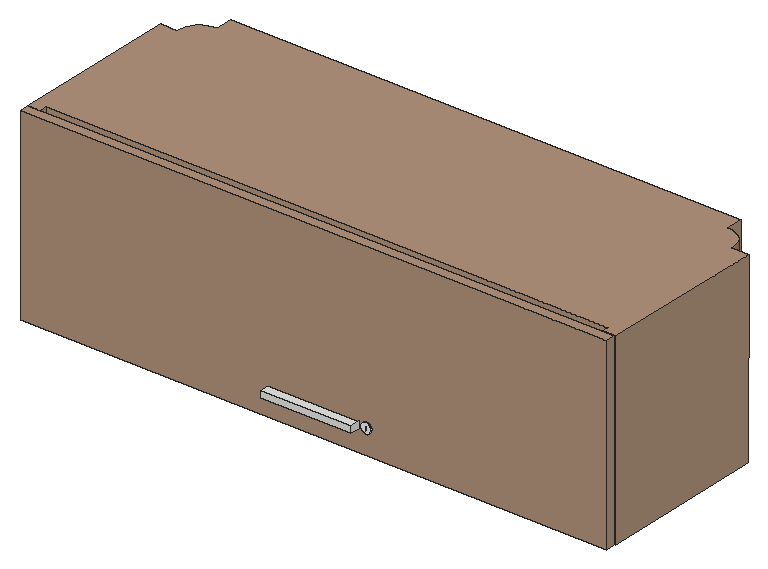
Revit family "Mounted_Storage_&_Accessories-Teknion-ROCF_Overhead_Cabinet_Solid_Flipper_Doors-R2019", category Furniture, Revit 2019
Family settings
  OmniClass Number = 23.40.20.00
  OmniClass Title = General Furniture and Specialties
  Work Plane-Based = No
  Always vertical = Yes
  Cut with Voids When Loaded = No
  Shared = Yes
  Room Calculation Point = No
Parameters (values of type "Column-Mounted, 16" Depth")
  Width [instance] = 48.000"
  Warranty = "http://www.teknion.com/ca/papers/legal-canada"
  Wall-Mounted = not([Column-Mounted])  # no
  Unit Weight URL = "http://www.teknion.com/ca/tools/assets#&asset=bee6a381-b954-425e-8283-5a2de3a804f2,f828d448-4b62-4231-9e5f-9a8991c0ed77"
  URL = "www.teknion.com"
  To render please download texture images found here [instance] = "https://assets.teknion.com/web/5e81352c1dfdb467/revit-material-swatches/"
  Sustainability Data = "https://www.teknion.com/ca/tools/assets#&topic=216f99a5-57a0-44fc-b10a-9dee9b29ae4c&asset=444deb64-fe58-4b68-981e-f75e97781df7,b4ff2d81-9f2e-437d-9659-7cffb09c31cf"
  Series = "Expansion Desking"  # constant formula
  Pull Finish [instance] = Paint-Teknion-20-T-Foundation-Atrium White
  Product Page URL = "https://www.teknion.com/ca/products/product-details?productLineId=2b4e336e-8e7a-673b-a6c8-ff00004460c4"
  Product Line = "Expansion Desking"  # constant formula
  Product Documentation Link = "https://www.teknion.com/pricing/expansion-desking/pdfs/ROCF_ppg.pdf"
  Part Number = "ROCF"  # constant formula
  Model = "ROCFC16__"
  Manufacturer Phone = "416-661-3370"  # constant formula
  Manufacturer Fax = "416.661.4586"  # constant formula
  Manufacturer Contact Information = "http://www.teknion.com/ca/contactus"
  Manufacturer Address = "1150 Flint Road, Toronto, ON. M3J 2J5. Canada"  # constant formula
  Manufacturer = "Teknion"  # constant formula
  Insertion Y Point Offset = 1.160"
  Insertion X Point Offset = 1.160"
  How To Use Teknion Materials User Guide [instance] = "https://assets.teknion.com/m/205dd0a49fa58060/original/How-to-add-a-Material-Library-and-Texture-Images-to-your-Revit-project.pdf"
  For Additional Finishes please visit [instance] = "https://assets.teknion.com/m/44a8009b046e5d47/original/Teknion_Materials_Library.zip"
  Double Doors Handle [instance] = Width > 48.000"  # no
  Double Door Cut Hole Depth [instance] = if(Width > 48.000", 5.701", 0.500")  # 0.500"
  Door Finish [instance] = Source Laminate - Teknion - 3M - Provincial Oak
  Description = "Overhead Cabinet – Solid Flipper Door(s), Column-Mounted, 16\" Depth"
  Column-Mounted = yes
  Column Void Cut Offset = if([Column-Mounted], 21.793", 0.500")  # 21.793"
  Center Handle [instance] = Width < 49.000"  # yes
  Case Finish [instance] = Source Laminate - Teknion - 3M - Provincial Oak (Cross Grain)
  Available Widths [instance] = "24, 30, 36, 42, 48, 54, 60, 66, 72, 78, 84 inches."  # constant formula
  Assembly Code = "E2020200"
  Actual Width [instance] = if([Column-Mounted], Width - 2.315", Width)  # 45.685"
Types (3): name | Width | Wall-Mounted | Model | Insertion Y Point Offset | Insertion X Point Offset | Double Doors Handle | Double Door Cut Hole Depth | Description | Column-Mounted | Column Void Cut Offset | Center Handle | Actual Width
  (no name) | 48.000" | no | "ROCFC16__" | 1.160" | 1.160" | no | 0.500" | "Overhead Cabinet – Solid Flipper Door(s), Column-Mounted, 16\" Depth" | yes | 21.793" | yes | 45.685"
  Column-Mounted, 16" Depth | 48.000" | no | "ROCFC16__" | 1.160" | 1.160" | no | 0.500" | "Overhead Cabinet – Solid Flipper Door(s), Column-Mounted, 16\" Depth" | yes | 21.793" | yes | 45.685"
  Wall-Mounted, 16" Depth | 54.000" | yes | "ROCFW16__" | 0.750" | 0.000" | yes | 5.701" | "Overhead Cabinet – Solid Flipper Door(s), Wall-Mounted, 16\" Depth" | no | 0.500" | no | 54.000"
Reference planes (in)
  plane 1 "Center Front/Back": y = 0.93414
  plane 2: z = 0
  plane 3 "Center Left/Right": x = 0.83054
  plane 4 "Left": x = -22.01196
  plane 5 "Right": x = 23.67304
  plane 6 "Back": y = 9.29093
  plane 7 "Front": y = -7.42265
  plane 8 "Top": z = 65.37402
  plane 9: z = 50.83071
  plane 10: z = 69.37402
  plane 11: y = -12.42265
  plane 12: x = -10.59071
  plane 13: x = 12.25179
  plane 14 "Back Insertion Plane": y = 10.45093
  plane 15: x = -23.17196
  plane 16: x = 24.83304
Forms (in)
  Sweep 1, solid, material "Source Laminate - Teknion - 3M - Provincial Oak" <- "Door Finish"
    path origin (0, 0, 0) x (1, 0, 0) y (0, 1, 0)
      loop
        line (0.83054, -7.42265) -> (0.83054, -6.72186)
    profile origin (0.83054, -7.07226, 0) x (-1, 0, 0) y (0, 0, 1)
      loop
        line (22.78344, 65.37402) -> (-22.78344, 65.37402) -> (-22.78344, 50.83071) -> (22.78344, 50.83071) -> (22.78344, 65.37402)
  Sweep 2, void
    path origin (0, 0.93414, 0) x (1, 0, 0) y (0, 0, 1)
      loop
        line (0.83054, 47.58102) -> (0.83054, 69.37402)
    profile origin (0.83054, 0.93414, 58.47752) x (-1, 0, 0) y (0, -1, 0)
      loop
        line (19.83069, -8.35679) -> (22.8425, -8.35679) -> (22.8425, -5.34498) -> (21.59053, -5.34498)
        arc (21.59053, -5.34498) -> (21.07509, -6.58938) -> (19.83069, -7.10482) r 1.75984
        line (19.83069, -7.10482) -> (19.83069, -8.35679)
      loop
        line (-19.83069, -8.35679) -> (-19.83069, -7.10482)
        arc (-19.83069, -7.10482) -> (-21.07509, -6.58938) -> (-21.59053, -5.34498) r 1.75984
        line (-21.59053, -5.34498) -> (-22.8425, -5.34498) -> (-22.8425, -8.35679) -> (-19.83069, -8.35679)
  Sweep 3, void
    path origin (0, 0.93414, 0) x (1, 0, 0) y (0, 0, 1)
      loop
        line (0.83054, 65.37402) -> (0.83054, 50.83071)
    profile origin (0.83054, 0.93414, 58.10236) x (0, -1, 0) y (1, 0, 0)
      loop
        line (7.04976, 21.8425) -> (7.04976, -21.8425) -> (7.57726, -21.8425) -> (7.57726, 21.8425) -> (7.04976, 21.8425)
  Sweep 4, solid, material "Paint-Teknion-20-T-Foundation-Atrium White" <- "Pull Finish", visible <- "Center Handle"
    path origin (0, 0, 0) x (1, 0, 0) y (0, 1, 0)
      loop
        line (0.83054, -7.42265) -> (0.83054, -8.17462)
    profile origin (0.83054, -7.79863, 0) x (1, 0, 0) y (0, 0, 1)
      loop
        line (-3.5, 52.98622) -> (-3.5, 52.48622) -> (3.5, 52.48622) -> (3.5, 52.98622) -> (-3.5, 52.98622)
  Sweep 5, solid, material "Metal - Teknion - C6 - Chrome", visible <- "Center Handle"
    path origin (0, 0, 0) x (1, 0, 0) y (0, 1, 0)
      loop
        line (4.95852, -7.42265) -> (4.95852, -7.4817)
    profile origin (4.95852, -7.45218, 0) x (1, 0, 0) y (0, 0, 1)
      loop
        circle (0.00388, 52.73622) r 0.39423
      loop
        line (-0.04533, 52.54921) -> (0.0531, 52.54921) -> (0.0531, 52.92323) -> (-0.04533, 52.92323) -> (-0.04533, 52.54921)
  Sweep 6, solid, material "Source Laminate - Teknion - 3M - Provincial Oak (Cross Grain)" <- "Case Finish"
    path origin (0, 0, 0) x (1, 0, 0) y (0, 1, 0)
      loop
        line (0.83054, 9.29093) -> (0.83054, -6.64312)
    profile origin (0.83054, 1.32391, 0) x (1, 0, 0) y (0, 0, 1)
      loop
        line (-21.8425, 64.62402) -> (-21.8425, 51.77165) -> (21.8425, 51.77165) -> (21.8425, 64.62402) -> (-21.8425, 64.62402)
      loop
        line (-22.8425, 65.37402) -> (-22.8425, 50.83071) -> (22.8425, 50.83071) -> (22.8425, 65.37402) -> (-22.8425, 65.37402)
  Sweep 7, solid, material "Source Laminate - Teknion - 3M - Provincial Oak (Cross Grain)" <- "Case Finish"
    path origin (0, 0, 0) x (1, 0, 0) y (0, 1, 0)
      loop
        line (0.83054, 8.05078) -> (0.83054, 9.29093)
    profile origin (0.83054, 8.67085, 0) x (-1, 0, 0) y (0, 0, 1)
      loop
        line (-22.8425, 64.62402) -> (-22.8425, 51.77165) -> (22.8425, 51.77165) -> (22.8425, 64.62402) -> (-22.8425, 64.62402)
  Sweep 8, void
    path origin (0, 0, 0) x (1, 0, 0) y (0, 1, 0)
      loop
        line (0.83054, -12.42265) -> (0.83054, -11.92265)
    profile origin (0.83054, -12.17265, 0) x (-1, 0, 0) y (0, 0, 1)
      loop
        line (0.05906, 65.37402) -> (-0.05906, 65.37402) -> (-0.05906, 50.83071) -> (0.05906, 50.83071) -> (0.05906, 65.37402)
  Sweep 9, solid, material "Paint-Teknion-20-T-Foundation-Atrium White" <- "Pull Finish", visible <- "Double Doors Handle"
    path origin (-25.92126, 0, 0) x (1, 0, 0) y (0, 1, 0)
      loop
        line (8.33054, -7.42265) -> (8.33054, -8.17462)
    profile origin (-17.59072, -7.79863, 0) x (1, 0, 0) y (0, 0, 1)
      loop
        line (10.5, 52.98622) -> (3.5, 52.98622) -> (3.5, 52.48622) -> (10.5, 52.48622) -> (10.5, 52.98622)
  Sweep 10, solid, material "Paint-Teknion-20-T-Foundation-Atrium White" <- "Pull Finish", visible <- "Double Doors Handle"
    path origin (11.92126, 0, 0) x (1, 0, 0) y (0, 1, 0)
      loop
        line (-6.66946, -7.42265) -> (-6.66946, -8.17462)
    profile origin (5.2518, -7.79863, 0) x (1, 0, 0) y (0, 0, 1)
      loop
        line (3.5, 52.98622) -> (3.5, 52.48622) -> (10.5, 52.48622) -> (10.5, 52.98622) -> (3.5, 52.98622)
  Sweep 11, solid, material "Metal - Teknion - C6 - Chrome", visible <- "Double Doors Handle"
    path origin (-18.92124, 0, 0) x (1, 0, 0) y (0, 1, 0)
      loop
        line (12.45852, -7.42265) -> (12.45852, -7.4817)
    profile origin (-6.46272, -7.45218, 0) x (1, 0, 0) y (0, 0, 1)
      loop
        circle (0.00388, 52.73622) r 0.39423
      loop
        line (-0.04533, 52.54921) -> (0.0531, 52.54921) -> (0.0531, 52.92323) -> (-0.04533, 52.92323) -> (-0.04533, 52.54921)
  Sweep 12, solid, material "Metal - Teknion - C6 - Chrome", visible <- "Double Doors Handle"
    path origin (18.92128, 0, 0) x (1, 0, 0) y (0, 1, 0)
      loop
        line (-2.54148, -7.42265) -> (-2.54148, -7.4817)
    profile origin (16.3798, -7.45218, 0) x (1, 0, 0) y (0, 0, 1)
      loop
        circle (0.00388, 52.73622) r 0.39423
      loop
        line (-0.04533, 52.54921) -> (0.0531, 52.54921) -> (0.0531, 52.92323) -> (-0.04533, 52.92323) -> (-0.04533, 52.54921)
Cuts and joins
  Sweep 2, Sweep 3 cuts Sweep 6
  Sweep 2 cuts Sweep 7
  joined: Sweep 6, Sweep 7
  Sweep 8 cuts Sweep 1
Lines and regions (in)
  Masking region 1, visible <- "Column-Mounted"
    outline origin (0, 0, 0) x (1, 0, 0) y (0, 1, 0)
      loop
        line (-22.01196, 6.27912) -> (-22.01196, -6.64312) -> (23.67304, -6.64312) -> (23.67304, 6.27912) -> (22.42107, 6.27912)
        arc (22.42107, 6.27912) -> (21.90562, 7.52352) -> (20.66123, 8.03896) r 1.75984
        line (20.66123, 8.03896) -> (20.66123, 9.29093) -> (-19.00015, 9.29093) -> (-19.00015, 8.03896)
        arc (-19.00015, 8.03896) -> (-20.24455, 7.52352) -> (-20.75999, 6.27912) r 1.75984
        line (-20.75999, 6.27912) -> (-22.01196, 6.27912)
  Masking region 2, visible <- "Center Handle"
    outline origin (0, 0, 0) x (1, 0, 0) y (0, 1, 0)
      loop
        line (-21.95291, -6.72186) -> (-21.95291, -7.42265) -> (23.61398, -7.42265) -> (23.61398, -6.72186) -> (-21.95291, -6.72186)
  Masking region 3, visible <- "Double Doors Handle"
    outline origin (0, 0, 0) x (1, 0, 0) y (0, 1, 0)
      loop
        line (23.61398, -6.72186) -> (0.88959, -6.72186) -> (0.88959, -7.42265) -> (23.61398, -7.42265) -> (23.61398, -6.72186)
      loop
        line (-21.95291, -7.42265) -> (0.77148, -7.42265) -> (0.77148, -6.72186) -> (-21.95291, -6.72186) -> (-21.95291, -7.42265)
  Masking region 4, visible <- "Double Doors Handle"
    outline origin (0, 0, 0) x (1, 0, 0) y (0, 1, 0)
      loop
        line (-14.09072, -7.42265) -> (-14.09072, -8.17462) -> (-7.09072, -8.17462) -> (-7.09072, -7.42265) -> (-14.09072, -7.42265)
      loop
        line (8.7518, -8.17462) -> (15.7518, -8.17462) -> (15.7518, -7.42265) -> (8.7518, -7.42265) -> (8.7518, -8.17462)
  Masking region 5, visible <- "Double Doors Handle"
    outline origin (0, 0, 0) x (1, 0, 0) y (0, 1, 0)
      loop
        line (-6.85307, -7.4817) -> (-6.0646, -7.4817) -> (-6.0646, -7.42265) -> (-6.85307, -7.42265) -> (-6.85307, -7.4817)
  Masking region 6, visible <- "Center Handle"
    outline origin (0, 0, 0) x (1, 0, 0) y (0, 1, 0)
      loop
        line (4.56817, -7.4817) -> (5.35664, -7.4817) -> (5.35664, -7.42265) -> (4.56817, -7.42265) -> (4.56817, -7.4817)
  Masking region 7, visible <- "Double Doors Handle"
    outline origin (0, 0, 0) x (1, 0, 0) y (0, 1, 0)
      loop
        line (15.98945, -7.4817) -> (16.77792, -7.4817) -> (16.77792, -7.42265) -> (15.98945, -7.42265) -> (15.98945, -7.4817)
  Masking region 8, visible <- "Center Handle"
    outline origin (0, 0, 0) x (1, 0, 0) y (0, 1, 0)
      loop
        line (-2.66946, -7.42265) -> (-2.66946, -8.17462) -> (4.33054, -8.17462) -> (4.33054, -7.42265) -> (-2.66946, -7.42265)
  Masking region 9, visible <- "Wall-Mounted"
    outline origin (0, 0, 0) x (1, 0, 0) y (0, 1, 0)
      loop
        line (-22.01196, 9.29093) -> (-22.01196, -6.64312) -> (23.67304, -6.64312) -> (23.67304, 9.29093) -> (-22.01196, 9.29093)
  Masking region 10, visible <- "Column-Mounted"
    outline origin (0, 0, 65.37402) x (-1, 0, 0) y (0, -1, 0)
      loop
        line (22.01196, -6.27912) -> (20.75999, -6.27912)
        arc (20.75999, -6.27912) -> (20.24455, -7.52352) -> (19.00015, -8.03896) r 1.75984
        line (19.00015, -8.03896) -> (19.00015, -9.29093) -> (22.01196, -9.29093) -> (22.01196, -6.27912)
      loop
        line (-23.67304, -9.29093) -> (-20.66123, -9.29093) -> (-20.66123, -8.03896)
        arc (-20.66123, -8.03896) -> (-21.90562, -7.52352) -> (-22.42107, -6.27912) r 1.75984
        line (-22.42107, -6.27912) -> (-23.67304, -6.27912) -> (-23.67304, -9.29093)
  symbolic lines, style "FurnitureHiddenLines", detail levels medium+fine
    curve 1: line (-21.01196, -6.64312, 0) -> (-21.01196, 6.27912, 0)
    curve 2: line (20.66123, 8.05078, 0) -> (-19.00015, 8.05078, 0)
    curve 3: line (22.67304, 6.27912, 0) -> (22.67304, -6.64312, 0)
  symbolic lines, style "FurnitureHiddenLines", detail levels fine
    curve 4: line (22.67304, -6.11562, 0) -> (-21.01196, -6.11562, 0)
  symbolic lines, style "FurnitureHiddenLines", visible <- "Wall-Mounted", detail levels medium+fine
    curve 5: line (-21.01196, 8.05078, 0) -> (-19.00015, 8.05078, 0)
    curve 6: line (-21.01196, 8.05078, 0) -> (-21.01196, 6.27912, 0)
    curve 7: line (20.66123, 8.05078, 0) -> (22.67304, 8.05078, 0)
    curve 8: line (22.67304, 8.05078, 0) -> (22.67304, 6.27912, 0)
Dimensions and locks (in)
  "Actual Width": plane 4 "Left" to plane 5 "Right"
  equal spacing: plane 6 "Back", plane 1 "Center Front/Back", plane 7 "Front"
  locked: plane 8 "Top" to level at 65.37402
  equal spacing: plane 4 "Left", plane 3 "Center Left/Right", plane 5 "Right"
  locked: plane 7 "Front" to plane 6 "Back" at 16.71358
  locked: plane 7 "Front" to Sweep 1 sketch curve at 0.70079
  locked: plane 9 to level at 50.83071
  locked: plane 10 to plane 8 "Top" at 4
  "Column Void Cut Offset": plane 10 to Sweep 2 sketch curve
  plane 7 "Front" to Sweep 3 sketch curve to Sweep 3 sketch curve = 0.77953" locked, 0.5275" locked
  locked: Sweep 3 sketch curve to plane 5 "Right" at 1
  locked: Sweep 1 sketch curve to plane 4 "Left" at 0.05906
  locked: Sweep 1 sketch curve to plane 5 "Right" at 0.05906
  locked: plane 4 "Left" to Sweep 2 sketch curve at 3.01181
  locked: plane 6 "Back" to Sweep 2 sketch curve at 3.01181  (x2)
  locked: Sweep 2 sketch curve to plane 5 "Right" at 3.01181
  locked: plane 4 "Left" to Sweep 3 sketch curve at 1
  locked: Sweep 4 sketch curve to plane 7 "Front" at 0.75197
  Sweep 4 sketch curve to plane 3 "Center Left/Right" to Sweep 4 sketch curve = 3.500" locked, 3.500" locked
  Sweep 4 sketch curve to Sweep 4 sketch curve to plane 9 = 0.500" locked, 1.65551" locked
  locked: Sweep 5 sketch curve to plane 7 "Front" at 0.05906
  plane 3 "Center Left/Right" to Sweep 5 sketch curve to Sweep 5 sketch curve to Sweep 5 sketch curve = 4.08266" locked, 0.04921" locked, 0.04921" locked
  Sweep 5 sketch curve to Sweep 5 sketch curve to Sweep 5 sketch curve to plane 9 = 0.18701" locked, 0.18701" locked, 1.7185" locked
  locked: plane 7 "Front" to Sweep 6 sketch curve at 0.77953
  locked: Sweep 6 sketch curve to plane 4 "Left" at 1
  locked: Sweep 6 sketch curve to plane 5 "Right" at 1
  locked: plane 8 "Top" to Sweep 6 sketch curve at 0.75
  locked: Sweep 6 sketch curve to plane 9 at 0.94094
  locked: plane 6 "Back" to Sweep 7 sketch curve at 1.24016
  locked: Sweep 7 sketch curve to plane 9 at 0.94094
  locked: plane 8 "Top" to Sweep 7 sketch curve at 0.75
  locked: plane 11 to plane 7 "Front" at 5
  "Double Door Cut Hole Depth": Sweep 8 sketch curve to plane 11
  Sweep 9 sketch curve to plane 12 to Sweep 9 sketch curve = 3.49999" locked, 3.50001" locked
  Sweep 9 sketch curve to Sweep 9 sketch curve to plane 9 = 0.500" locked, 1.65551" locked
  equal spacing: plane 4 "Left", plane 12, plane 3 "Center Left/Right"
  equal spacing: plane 3 "Center Left/Right", plane 13, plane 5 "Right"
  Sweep 10 sketch curve to plane 13 to Sweep 10 sketch curve = 3.50001" locked, 3.49999" locked
  Sweep 10 sketch curve to Sweep 10 sketch curve to plane 9 = 0.500" locked, 1.65551" locked
  plane 12 to Sweep 11 sketch curve to Sweep 11 sketch curve to Sweep 11 sketch curve = 4.08267" locked, 0.04921" locked, 0.04921" locked
  Sweep 11 sketch curve to Sweep 11 sketch curve to Sweep 11 sketch curve to plane 9 = 0.18701" locked, 0.18701" locked, 1.7185" locked
  locked: Sweep 11 sketch curve to plane 7 "Front" at 0.05906
  locked: Sweep 10 sketch curve to plane 7 "Front" at 0.75197
  plane 13 to Sweep 12 sketch curve to Sweep 12 sketch curve to Sweep 12 sketch curve = 4.08269" locked, 0.04921" locked, 0.04921" locked
  Sweep 12 sketch curve to Sweep 12 sketch curve to Sweep 12 sketch curve to plane 9 = 0.18701" locked, 0.18701" locked, 1.7185" locked
  locked: Sweep 12 sketch curve to plane 7 "Front" at 0.05906
  locked: plane 4 "Left" to Masking region 3 sketch curve at 0.05906
  locked: Masking region 3 sketch curve to plane 5 "Right" at 0.05906
  plane 7 "Front" to Masking region 3 sketch curve to Masking region 3 sketch curve = 0.70079" locked, 0.000" locked
  Masking region 3 sketch curve to plane 3 "Center Left/Right" to Masking region 3 sketch curve = 0.05906" locked, 0.05906" locked
  plane 12 to Masking region 5 sketch curve to Masking region 5 sketch curve = 3.73765" locked, 0.78847" locked
  plane 3 "Center Left/Right" to Masking region 6 sketch curve to Masking region 6 sketch curve = 3.73764" locked, 0.78847" locked
  plane 13 to Masking region 7 sketch curve to Masking region 7 sketch curve = 3.73767" locked, 0.78847" locked
  locked: plane 4 "Left" to curve 6 at 1
  locked: plane 6 "Back" to curve 5 at 1.24016
  locked: curve 8 to plane 5 "Right" at 1
  locked: plane 6 "Back" to curve 7 at 1.24016
  Sweep 8 sketch curve to plane 3 "Center Left/Right" to Sweep 8 sketch curve = 0.05906" locked, 0.05906" locked
  locked: plane 8 "Top" to Sweep 8 sketch curve
  locked: plane 9 to Sweep 8 sketch curve at 0
  "Insertion Y Point Offset": plane 14 "Back Insertion Plane" to plane 6 "Back"
  "Insertion X Point Offset": plane 15 to plane 4 "Left"
  "Insertion X Point Offset": plane 5 "Right" to plane 16
  aligned and locked: level to plane 2
  aligned and locked: plane 7 "Front" to Sweep 1 sketch curve
  aligned and locked: plane 8 "Top" to Sweep 1 sketch curve
  aligned and locked: Sweep 1 sketch curve to plane 9
  aligned and locked: Sweep 2 sketch curve to plane 4 "Left"
  aligned and locked: Sweep 2 sketch curve to plane 6 "Back"
  aligned and locked: plane 10 to Sweep 2 sketch curve
  aligned and locked: plane 7 "Front" to Sweep 4 sketch curve
  aligned and locked: plane 7 "Front" to Sweep 5 sketch curve
  aligned and locked: plane 6 "Back" to Sweep 6 sketch curve
  aligned and locked: Sweep 6 sketch curve to plane 8 "Top"
  aligned and locked: Sweep 6 sketch curve to plane 4 "Left"
  aligned and locked: Sweep 6 sketch curve to plane 9
  aligned and locked: plane 5 "Right" to Sweep 6 sketch curve
  aligned and locked: plane 6 "Back" to Sweep 7 sketch curve
  aligned and locked: plane 4 "Left" to Sweep 7 sketch curve
  aligned and locked: plane 5 "Right" to Sweep 7 sketch curve
  aligned and locked: plane 9 to Sweep 3 sketch curve
  aligned and locked: plane 8 "Top" to Sweep 3 sketch curve
  aligned and locked: plane 11 to Sweep 8 sketch curve
  aligned and locked: plane 7 "Front" to Sweep 11 sketch curve
  aligned and locked: plane 7 "Front" to Sweep 10 sketch curve
  aligned and locked: plane 7 "Front" to Sweep 12 sketch curve
  aligned and locked: Masking region 1 sketch curve to plane 4 "Left"
  aligned and locked: Masking region 1 sketch curve to plane 6 "Back"
  aligned and locked: Masking region 1 sketch curve to cut or joined group of Sweep 2, Sweep 3, Sweep 6, Sweep 7  (x8)
  aligned and locked: Masking region 2 sketch curve to cut or joined group of Sweep 1, Sweep 8  (x4)
  aligned and locked: plane 7 "Front" to Masking region 3 sketch curve  (x2)
  aligned and locked: Masking region 4 sketch curve to Sweep 9  (x4)
  aligned and locked: Masking region 4 sketch curve to Sweep 10  (x4)
  aligned and locked: Masking region 5 sketch curve to Sweep 11  (x2)
  aligned and locked: Masking region 6 sketch curve to Sweep 5
  aligned and locked: plane 7 "Front" to Masking region 6 sketch curve
  aligned and locked: Masking region 7 sketch curve to Sweep 12  (x2)
  aligned and locked: Masking region 8 sketch curve to Sweep 4  (x4)
  aligned and locked: curve 1 to cut or joined group of Sweep 2, Sweep 3, Sweep 6, Sweep 7
  aligned and locked: cut or joined group of Sweep 2, Sweep 3, Sweep 6, Sweep 7 to curve 3
  aligned and locked: curve 4 to cut or joined group of Sweep 2, Sweep 3, Sweep 6, Sweep 7
  aligned and locked: Masking region 9 sketch curve to plane 4 "Left"
  aligned and locked: Masking region 9 sketch curve to plane 6 "Back"
  aligned and locked: Masking region 9 sketch curve to plane 5 "Right"
  aligned and locked: Masking region 9 sketch curve to Masking region 1
  aligned and locked: Masking region 10 sketch curve to Sweep 2  (x10)
  aligned and locked: nested 1 to plane 14 "Back Insertion Plane"
  aligned and locked: nested 2 to plane 14 "Back Insertion Plane"
  aligned and locked: plane 15 to nested 1
  aligned and locked: plane 16 to nested 2
Automatic sketch dimensions
  Sweep 1 sketch curve to plane 3 "Center Left/Right" = 0.000"
  Sweep 2 sketch curve to plane 3 "Center Left/Right" = 0.000"
  Sweep 2 sketch curve to Sweep 2 sketch curve = 1.75984"
  Sweep 2 sketch curve to Sweep 2 sketch curve = 3.01181"
  Sweep 2 sketch curve to Sweep 2 sketch curve = 1.25197"  (x2)
  Sweep 3 sketch curve to plane 3 "Center Left/Right" = 0.000"
  Sweep 4 sketch curve to plane 3 "Center Left/Right" = 0.000"
  plane 3 "Center Left/Right" to Sweep 5 sketch curve = 4.12799"
  Sweep 6 sketch curve to plane 3 "Center Left/Right" = 0.000"
  Sweep 7 sketch curve to plane 3 "Center Left/Right" = 0.000"
  Sweep 9 sketch curve to plane 7 "Front" = 0.000"
  plane 7 "Front" to Sweep 9 sketch curve = 0.75197"
  plane 12 to Sweep 9 sketch curve = 7.00001"
  Sweep 10 sketch curve to plane 13 = 6.99999"
  Sweep 11 sketch curve to plane 12 = 4.128"
  plane 13 to Sweep 12 sketch curve = 4.12802"
  curve 5 to curve 2 = 2.01181"
  curve 7 to curve 3 = 2.01181"
  curve 6 to curve 5 = 1.77165"
  curve 1 to curve 4 = 0.5275"
  curve 3 to curve 4 = 0.5275"
  curve 3 to curve 7 = 1.77165"
  Sweep 8 sketch curve to plane 3 "Center Left/Right" = 0.000"
  radius of Sweep 5 sketch curve = 0.39423"
  radius of Sweep 11 sketch curve = 0.39423"
  radius of Sweep 12 sketch curve = 0.39423"
Nested families (in)
  nested 1: "Teknion_2D_Node_Family-R2016" at (-23.17196, 10.45093, 0), type "Teknion_2D_Node_Family-R2016"
  nested 2: "Teknion_2D_Node_Family-R2016" at (24.83304, 10.45093, 0), type "Teknion_2D_Node_Family-R2016"
Definition of nested family "Teknion_2D_Node_Family-R2016"
  Reference planes (in)
    plane 1 "Center (Front/Back)": y = 0
    plane 2: z = 0
    plane 3 "Center (Left/Right)": x = 0
  Lines and regions (in)
    detail lines, in view "Ref. Level"
      curve 1: circle (0, 0, 0) r 1.25 normal (0, 0, 1)
      curve 2: line (1.91508, -1.91508, 0) -> (-1.91508, 1.91508, 0)
      curve 3: line (-1.91508, -1.91508, 0) -> (1.91508, 1.91508, 0)
